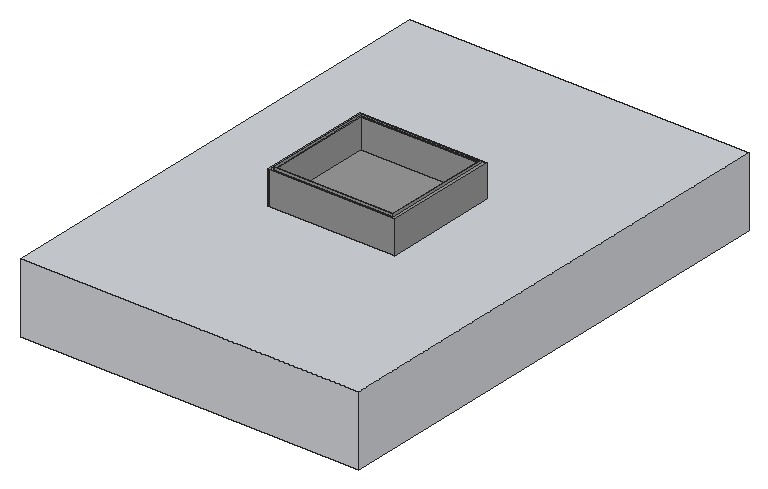
Revit family "Hager-Univers-IP30-D160-Cl.II-FWB-encl--AT-de", category Equipement électrique, Revit 2020
Family settings
  Hôte = Face
  Configuration du panneau = Deux colonnes, circuits au sein
  Cote de connecteur circulaire = Utiliser le diamètre
  Type d'élément = Tableau de raccordement
  Couper avec des vides une fois chargée = Non
  Partagée = Non
  Point de calcul de pièce = Non
Parameters (values of type "Aufputz IP30 B550 H500 T160  - FWQ32D1")
  Width Control [instance] = if([EF000008 - Breite] > Min Width, [EF000008 - Breite], Min Width)  # 550 mm
  Commentaires du type = [HG000003 - Bereich]  # "Univers"
  Thickness Door [instance] = if([EF009171 - Materialstärke Tür/Deckel] > 3 mm, 3 mm, [EF009171 - Materialstärke Tür/Deckel])  # 1 mm
  Seal Frame Offset [instance] = 17 mm  # constant formula
  Plinth Visibility [instance] = [HG000027 - Sockelhöhe] > 0 mm  # no
  Model = ""
  Min Width [instance] = 100 mm  # constant formula
  Min Height [instance] = 100 mm  # constant formula
  Min Depth [instance] = (2 * [EF009170 - Materialstärke Gehäuse]) + 1 mm  # 3 mm
  Internal Frame Depth [instance] = (Door System Depth * 0.5)  # 9 mm
  Height Control [instance] = if([EF000040 - Höhe] > Min Height, [EF000040 - Höhe], Min Height)  # 500 mm
  HG000027 - Sockelhöhe = 0 mm
  HG000026 - Stehend auf dem Boden = no
  HG000024 - Höhe des unteren Teils = 800 mm
  HG000023 - Gehäuse mit doppeltem Querschnitt = no
  HG000016 - 3D-Türsichtbarkeit [instance] = yes
  HG000015 - Sichtbarkeit der Türöffnung [instance] = no
  HG000014 - Tür rechts [instance] = yes
  HG000013 - Tür links [instance] = not([HG000014 - Tür rechts])  # no
  HG000012 - Türschwenkwinkel [instance] = 30.00°
  HG000010 - Asymmetrische Türen = no
  HG000009 - Doppelflügeligen Tür = no
  HG000006 - Unterputz = no
  HG000004 - Herstellerreferenz = "FWQ32D1"
  HG000003 - Bereich = "Univers"
  HG000002 - Mit tür = no
  Frame Offset Bottom [instance] = 10 mm  # constant formula
  Frame Offset [instance] = 15 mm  # constant formula
  EF015940 - Deckel mit Überdruckentlastung = no
  EF011959 - Schutzart (NEMA) = ""
  EF009554 - Anzahl der Öffnungen für Flanschplatten = 4
  Fabricant = "Hager"  # constant formula
  EF009212 - Ausführung Deckel = "EV009916 - mit Ausschnitt"
  EF009171 - Materialstärke Tür/Deckel = 1 mm
  EF009170 - Materialstärke Gehäuse = 1 mm
  EF008873 - Nennstrom (In) = 125 A
  EF007800 - Geeignet für Blitzschutz = no
  EF006306 - Mit Schloss = no
  EF006244 - Transparenter Deckel/Tür = no
  EF005474 - Schutzart (IP) = "EV006410 - IP30"
  EF004464 - Art der Tür = "EV002646 - Einzel"
  EF004427 - Anzahl der Module = 72
  EF004293 - Schlagfestigkeit = ""
  EF003532 - Geeignet für Außengebrauch = no
  EF002950 - Breite in Teilungseinheiten = 24
  EF001613 - Funktionserhalt = "EV000494 - ohne"
  EF001596 - Werkstoff des Gehäuses = "EV000179 - Stahl"
  EF001131 - Innentiefe = 160 mm
  EF001088 - Anbaumöglichkeit = yes
  EF000437 - Anzahl der Leitungseinführungen = 8
  EF000339 - Art der Abdeckung = "EV001012 - Deckel"
  EF000266 - Anzahl der Reihen = 6
  EF000218 - Einbautiefe = 0 mm
  EF000118 - Mit Montageplatte = yes
  EF000116 - RAL-Nummer = "9010"
  EF000049 - Tiefe = 160 mm
  EF000040 - Höhe = 500 mm
  EF000008 - Breite = 550 mm
  EF000007 - Farbe = "EV000202 - weiß"
  EF000003 - Montageart = "EV000384 - Aufputz"
  Door System Leaf Tolerance [instance] = 1.5 mm  # constant formula
  Door System Depth [instance] = 18 mm  # constant formula
  Door Height [instance] = Height Control - [HG000027 - Sockelhöhe]  # 500 mm
  Depth Control [instance] = if([EF000049 - Tiefe] > Min Depth, [EF000049 - Tiefe], Min Depth)  # 160 mm
  Default Elevation = 0 mm
  Connector Offset [instance] = Height Control / 2  # 250 mm
  Bottom Top Plate Trim [instance] = 1.5 mm  # constant formula
  Plinth height Ctrl [instance] = if([HG000027 - Sockelhöhe] > 0 mm, [HG000027 - Sockelhöhe], 12 mm)  # 12 mm
Types (2, lengths in mm): name | Width Control | Thickness Door | Min Depth | HG000004 - Herstellerreferenz | EF009554 - Anzahl der Öffnungen für Flanschplatten | EF009171 - Materialstärke Tür/Deckel | EF009170 - Materialstärke Gehäuse | EF004427 - Anzahl der Module | EF002950 - Breite in Teilungseinheiten | EF000437 - Anzahl der Leitungseinführungen | EF000266 - Anzahl der Reihen | EF000008 - Breite
  Aufputz IP30 B300 H500 T160  - FWQ31D1 | 300 | 2 | 5 | "FWQ31D1" | 2 | 2 | 2 | 36 | 12 | 4 | 3 | 300
  Aufputz IP30 B550 H500 T160  - FWQ32D1 | 550 | 1 | 3 | "FWQ32D1" | 4 | 1 | 1 | 72 | 24 | 8 | 6 | 550
Reference planes
  plane 1 "Center (Front/Back)": y = 0
  plane 2: z = 0
  plane 3 "Center (Left/Right)": x = 0
  plane 4: z = 160
  plane 5: y = 1
  plane 6: y = 250
  plane 7: y = 0
  plane 8: y = 500
  plane 9: z = 0
  plane 10: x = -260
  plane 11: x = 260
  plane 12: x = 259
  plane 13: x = -259
  plane 14: y = 499
  plane 15: x = -258
  plane 16: x = -275
  plane 17: x = 258
  plane 18: x = 275
  plane 19: x = 274
  plane 20: x = -274
  plane 21: y = 11
  plane 22: y = 500
  plane 23: y = 484
  plane 24: z = 142
  plane 25: z = 1
  plane 26: z = 141
  plane 27: z = 159
Forms (mm)
  Extrusion 1, solid
    sketch origin (0, 0, 0) x (1, 0, 0) y (0, 1, 0)
      loop
        line (-702.964, 1305) -> (-702.964, -811.445) -> (766.763, -811.445) -> (766.763, 1305) -> (-702.964, 1305)
    from 0 to -304.8
  Extrusion 2, solid, material "Hager_Steel_RAL7035_Light_Grey", visible <- "Plinth Visibility", detail levels medium+fine
    sketch origin (0, 0, 0) x (1, 0, 0) y (0, 1, 0)
      loop
        line (-275, 0) -> (275, 0) -> (275, 12) -> (-275, 12) -> (-275, 0)
    from 0 to 142
  Extrusion 3, solid, material "Hager_Steel_RAL7035_Light_Grey", detail levels medium+fine
    sketch origin (0, 0, 0) x (1, 0, 0) y (0, 1, 0)
      loop
        line (-275, 0) -> (275, 0) -> (275, 500) -> (-275, 500) -> (-275, 0)
    from 0 to 142
  Extrusion 4, void
    sketch origin (0, 0, 0) x (1, 0, 0) y (0, 1, 0)
      loop
        line (-274, 1) -> (274, 1) -> (274, 499) -> (-274, 499) -> (-274, 1)
    from 1 to 141
  Extrusion 5, void
    sketch origin (-381.607, -4572, 142) x (0, -1, 0) y (-1, 0, 0)
      loop
        line (-4583, -122.607) -> (-5056, -122.607) -> (-5056, -640.607) -> (-4583, -640.607) -> (-4583, -122.607)
    from 0 to 1 <- "EF009170 - Materialstärke Gehäuse"
  Extrusion 6, solid, material "Hager_Steel_RAL7035_Light_Grey", detail levels fine
    sketch origin (0, 0, 142) x (1, 0, 0) y (0, 1, 0)
      loop
        line (-259, 484) -> (-259, 11) -> (259, 11) -> (259, 484) -> (-259, 484)
      loop
        line (-260, 10) -> (260, 10) -> (260, 485) -> (-260, 485) -> (-260, 10)
    from 0 to 9 <- "Internal Frame Depth"
  Extrusion 7, solid, material "Hager_Steel_RAL7035_Light_Grey", detail levels coarse
    sketch origin (0, 0, 0) x (1, 0, 0) y (0, 1, 0)
      loop
        line (-275, 0) -> (275, 0) -> (275, 500) -> (-275, 500) -> (-275, 0)
    from 0 to 160
  Sweep 8, void
    path in 3D
      loop
        line (-275, 12, 0) -> (275, 12, 0) -> (275, 12, 142) -> (-275, 12, 142) -> (-275, 12, 0)
    profile origin (-275, 12, 71) x (-1, 0, 0) y (0, -1, 0)
      loop
        line (0, 0) -> (0, 1.5) -> (-1.5, 1.5)
        arc (-1.5, 1.5) -> (-1.061, 0.439) -> (0, 0) r 1.5
Cuts and joins
  Extrusion 4, Extrusion 5 cuts Extrusion 3
  Sweep 8 cuts Extrusion 2
Lines and regions (mm)
  Masking region 1
    outline origin (0, 0, 0) x (1, 0, 0) y (0, 0, 1)
      loop
        line (-275, 160) -> (-275, 0) -> (275, 0) -> (275, 160) -> (-275, 160)
  Masking region 2, detail levels medium+fine
    outline origin (0, 140, 0) x (0, 1, 0) y (0, 0, 1)
      loop
        line (-140, 0) -> (360, 0) -> (360, 142) -> (-140, 142) -> (-140, 0)
  Masking region 3, not visible, detail levels medium+fine
    outline origin (0, 297.922, 0) x (0, 1, 0) y (0, 0, 1)
      loop
        line (-36.422, 0) -> (3.578, 0) -> (3.578, 149)
        arc (3.578, 149) -> (0.649, 156.071) -> (-6.422, 159) r 10
        line (-6.422, 159) -> (-36.422, 159) -> (-36.422, 0)
  Masking region 4, detail levels coarse
    outline origin (0, 0, 180) x (0, 1, 0) y (0, 0, 1)
      loop
        line (0, -180) -> (500, -180) -> (500, -20) -> (0, -20) -> (0, -180)
  Masking region 5, visible <- "Plinth Visibility", detail levels medium+fine
    outline origin (0, 52.24, 12.345) x (0, 0, -1) y (0, 1, 0)
      loop
        line (10.845, -40.24) -> (-128.155, -40.24)
        arc (-128.155, -40.24) -> (-128.594, -41.301) -> (-129.655, -41.74) r 1.5
        line (-129.655, -41.74) -> (-129.655, -52.24) -> (12.345, -52.24) -> (12.345, -41.74)
        arc (12.345, -41.74) -> (11.285, -41.301) -> (10.845, -40.24) r 1.5
  Masking region 6, detail levels medium+fine
    outline origin (-381.607, -4572, 142) x (-1, 0, 0) y (0, -1, 0)
      loop
        line (-106.607, -5072) -> (-106.607, -4572) -> (-656.607, -4572) -> (-656.607, -5072) -> (-106.607, -5072)
  Masking region 7, visible <- "Plinth Visibility", detail levels medium+fine
    outline origin (-381.607, -4727, 142) x (-1, 0, 0) y (0, -1, 0)
      loop
        arc (-108.107, -4739) -> (-107.668, -4737.939) -> (-106.607, -4737.5) r 1.5
        line (-106.607, -4737.5) -> (-106.607, -4727) -> (-656.607, -4727) -> (-656.607, -4737.5)
        arc (-656.607, -4737.5) -> (-655.546, -4737.939) -> (-655.107, -4739) r 1.5
        line (-655.107, -4739) -> (-108.107, -4739)
  Masking region 8, detail levels coarse
    outline origin (-442.548, -4669.526, 142) x (-1, 0, 0) y (0, -1, 0)
      loop
        line (-167.548, -5169.526) -> (-167.548, -4669.526) -> (-717.548, -4669.526) -> (-717.548, -5169.526) -> (-167.548, -5169.526)
  sketch lines
    curve 1: line (-275, 12, 142) -> (-275, 12, 0)
    curve 2: line (275, 12, 142) -> (-275, 12, 142)
    curve 3: line (275, 12, 142) -> (275, 12, 0)
    curve 4: line (-275, 12, 0) -> (275, 12, 0)
Dimensions and locks
  "Depth Control": plane 4 to Extrusion 1
  "HG000027 - Sockelhöhe": plane 1 "Center (Front/Back)" to plane 7
  "EF009170 - Materialstärke Gehäuse": plane 5 to plane 7
  locked: connector elem to plane 3 "Center (Left/Right)"
  equal spacing: plane 8, plane 6, plane 7
  locked: connector elem to plane 6
  "EF009170 - Materialstärke Gehäuse": plane 8 to plane 14
  "EF009170 - Materialstärke Gehäuse": plane 10 to plane 13
  "EF009170 - Materialstärke Gehäuse": plane 12 to plane 11
  "Frame Offset": plane 20 to plane 13
  "Frame Offset": plane 12 to plane 19
  "EF009170 - Materialstärke Gehäuse": plane 16 to plane 20
  "EF009170 - Materialstärke Gehäuse": plane 19 to plane 18
  "Seal Frame Offset": plane 16 to plane 15
  "Seal Frame Offset": plane 17 to plane 18
  "Frame Offset Bottom": plane 21 to plane 5
  "Frame Offset": plane 14 to plane 23
  equal spacing: plane 16, plane 3 "Center (Left/Right)", plane 18
  "Width Control": plane 16 to plane 18
  "EF009170 - Materialstärke Gehäuse": plane 4 to plane 27
  "EF009170 - Materialstärke Gehäuse": plane 24 to plane 26
  "EF009170 - Materialstärke Gehäuse": plane 25 to level
  "Door System Depth": plane 4 to plane 24
  "Height Control": plane 1 "Center (Front/Back)" to Extrusion 7 sketch curve
  "Height Control": Masking region 4 sketch curve to plane 1 "Center (Front/Back)"
  "Height Control": plane 1 "Center (Front/Back)" to plane 22
  "Bottom Top Plate Trim": profile plane to Sweep 8 sketch curve
  "Bottom Top Plate Trim": Sweep 8 sketch curve to profile plane
  "Plinth height Ctrl": plane 1 "Center (Front/Back)" to Extrusion 2 sketch curve
  "Plinth height Ctrl": Masking region 5 sketch curve to plane 1 "Center (Front/Back)"
  "Plinth height Ctrl": plane 1 "Center (Front/Back)" to Masking region 7 sketch curve
  "Thickness Door": Extrusion 6 sketch curve to Extrusion 6 sketch curve  (x3)
  "Thickness Door": cut or joined group of Extrusion 3, Extrusion 4, Extrusion 5 to Extrusion 6 sketch curve
  radius of Masking region 3 sketch curve = 10 mm
  "Bottom Top Plate Trim": radius of Masking region 5 sketch curve  (x2)
  "Bottom Top Plate Trim": radius of Sweep 8 sketch curve
  "Bottom Top Plate Trim": radius of Masking region 7 sketch curve  (x2)
  aligned and locked: plane 2 to Extrusion 1
  aligned and locked: level to Extrusion 1
  aligned and locked: level to Masking region 1 sketch curve
  aligned and locked: Masking region 1 sketch curve to plane 18
  aligned and locked: Masking region 1 sketch curve to plane 16
  aligned and locked: plane 7 to Masking region 2 sketch curve
  aligned and locked: level to Masking region 3 sketch curve
  aligned and locked: Masking region 3 sketch curve to plane 27
  aligned and locked: level to Masking region 2 sketch curve
  aligned and locked: plane 1 "Center (Front/Back)" to Extrusion 2 sketch curve
  aligned and locked: Extrusion 3 sketch curve to plane 7
  aligned and locked: plane 16 to Extrusion 3 sketch curve
  aligned and locked: plane 18 to Extrusion 3 sketch curve
  aligned and locked: plane 20 to Extrusion 4 sketch curve
  aligned and locked: plane 19 to Extrusion 4 sketch curve
  aligned and locked: Extrusion 4 sketch curve to plane 5
  aligned and locked: Extrusion 4 to plane 25
  aligned and locked: plane 26 to Extrusion 4
  aligned and locked: plane 24 to Extrusion 3
  aligned and locked: Extrusion 5 sketch curve to plane 21
  aligned and locked: Extrusion 5 sketch curve to plane 13
  aligned and locked: Extrusion 5 sketch curve to plane 12
  aligned and locked: plane 18 to Extrusion 7 sketch curve
  aligned and locked: plane 1 "Center (Front/Back)" to Extrusion 7 sketch curve
  aligned and locked: plane 16 to Extrusion 7 sketch curve
  aligned and locked: plane 4 to Extrusion 7
  aligned and locked: Extrusion 7 to level
  aligned and locked: level to Masking region 4 sketch curve
  aligned and locked: Masking region 4 sketch curve to plane 1 "Center (Front/Back)"
  aligned and locked: Masking region 4 sketch curve to plane 4
  aligned and locked: nested 1 to level
  aligned and locked: nested 1 to plane 16
  aligned and locked: plane 8 to Extrusion 3 sketch curve
  aligned and locked: plane 23 to Extrusion 5 sketch curve
  aligned and locked: plane 14 to Extrusion 4 sketch curve
  aligned and locked: Masking region 2 sketch curve to plane 8
  aligned and locked: level to Masking region 5 sketch curve
  aligned and locked: plane 16 to Extrusion 2 sketch curve
  aligned and locked: plane 18 to Extrusion 2 sketch curve
  aligned and locked: Masking region 5 sketch curve to plane 24
  aligned and locked: Masking region 2 sketch curve to plane 24
  aligned and locked: plane 24 to Extrusion 2
  aligned and locked: profile plane to Sweep 8 sketch curve  (x2)
  aligned and locked: Masking region 6 sketch curve to plane 18
  aligned and locked: Masking region 6 sketch curve to plane 22
  aligned and locked: Masking region 6 sketch curve to plane 16
  aligned and locked: plane 8 to plane 22
  aligned and locked: plane 7 to Masking region 6 sketch curve
  aligned and locked: Masking region 7 sketch curve to plane 16
  aligned and locked: Masking region 7 sketch curve to plane 1 "Center (Front/Back)"
  aligned and locked: Masking region 7 sketch curve to plane 18
  aligned and locked: Masking region 8 sketch curve to plane 1 "Center (Front/Back)"
  aligned and locked: Masking region 8 sketch curve to plane 18
  aligned and locked: Masking region 8 sketch curve to plane 22
  aligned and locked: Masking region 8 sketch curve to plane 16
  aligned and locked: nested 2 to plane 7
  aligned and locked: plane 3 "Center (Left/Right)" to nested 2
  aligned and locked: nested 2 to plane 24
  aligned and locked: Extrusion 6 sketch curve to cut or joined group of Extrusion 3, Extrusion 4, Extrusion 5  (x4)
Automatic sketch dimensions
  Extrusion 1 sketch curve to Extrusion 1 sketch curve = 1469.727 mm
  Extrusion 1 sketch curve to Extrusion 1 sketch curve = 2116.445 mm
  Masking region 1 sketch curve to plane 4 = 0 mm
  plane 6 to Masking region 3 sketch curve = 11.5 mm
  Masking region 3 sketch curve to Masking region 3 sketch curve = 30 mm
  Masking region 5 sketch curve to plane 1 "Center (Front/Back)" = 0 mm
Nested families
  nested 1: "Hager_Enclosure_Symbol" at (-275, 0, 0) x (1, 0, 0) z (0, -1, 0), Height <- "Depth Control", Width <- "Width Control", type "Hager_Enclosure_Symbol"
    with Width_Ctrl 550 mm, Width 550 mm, Height_Ctrl 160 mm, Height 160 mm, A_Width_Int 10.5 mm, A_Width 126 mm, A_Height_Ctrl 140 mm, A_Height 140 mm
  nested 2: "EC000058_Univers_Door" at (0, 0, 142) x (1, 0, 0) z (0, 1, 0), Leaf_Tolerance <- "Door System Leaf Tolerance", Angle <- "HG000012 - Türschwenkwinkel", Door_Depth <- "Door System Depth", Door_Left <- "HG000013 - Tür links", Transparent <- "EF006244 - Transparenter Deckel/Tür", Assymetrical <- "HG000010 - Asymmetrische Türen", Width <- "Width Control", Clearance <- "HG000015 - Sichtbarkeit der Türöffnung", Double <- "HG000009 - Doppelflügeligen Tür", 3d_Door <- "HG000016 - 3D-Türsichtbarkeit", Lock_Visibility <- "EF006306 - Mit Schloss", Width_Ctrl <- "Width Control", Door_Right <- "HG000014 - Tür rechts", Door <- "HG000002 - Mit tür", Height <- "Door Height", Thickness <- "Thickness Door", type "EC000058_Univers_Door", detail levels medium+fine
    with min_wh 3 mm, Width_Ctrl 550 mm, Width 550 mm, Transparent no, Thickness 1 mm, Seal_Material Hager_Rubber, Lock_Visibility no, Lock_Material Hager_Plastic_RAL9005_Jet_Black, Leaf_Width 550 mm, Leaf_Tolerance_External_Sides 0 mm, Leaf_Tolerance 1.5 mm, Leaf_Offset 0 mm, Leaf_Height 497 mm, Leaf_2_Width 550 mm, Leaf_2_Offset 275 mm, Leaf_1_Width 550 mm, Leaf_1_Offset 275 mm, Height_Ctrl 500 mm, Height 500 mm, Glass_Material Hager_Glass, Double_Clearance_Ctrl no, Double no, Door_Right_Ctrl no, Door_Right yes, Door_Material Hager_Steel_RAL7035_Light_Grey, Door_Left_Ctrl no, Door_Left no, Door_Depth 18 mm, Door no, Clearance_Material Hager_Clearance, Clearance_Depth 550 mm, Clearance_Ctrl no, Clearance no, Assymetrical no, Angle 30.00°, 3d_Door yes
Connectors
  electrical at (0, 250, 0)
    settings: on plane 9, index 1, voltage 0 V, apparent load 0 VA, apparent load phase1 0 VA, apparent load phase2 0 VA, apparent load phase3 0 VA, power factor 1, load classification "Other", number of poles 1, system type 30, power factor state 1, is connector primary yes, connector utility no, sub classification motor no, connector description ""
Definition of nested family "Hager_Enclosure_Symbol"
  Parameters (values of type "Hager_Enclosure_Symbol")
    Width_Ctrl [instance] = if(Width > 1 mm, Width, 1 mm)  # 102.27 mm
    Width [instance] = 102.27 mm
    Height_Ctrl [instance] = if(Height > 1 mm, Height, 1 mm)  # 66.5 mm
    A_Width_Int [instance] = if(A_Width / 12 > 2 mm, A_Width / 12, 2 mm)  # 4.364 mm
    A_Width [instance] = if(A_Height_Ctrl * 0.9 > 2 mm, A_Height_Ctrl * 0.9, 2 mm)  # 52.369 mm
    A_Height_Ctrl [instance] = if(A_Height > 2 mm, A_Height, 2 mm)  # 58.188 mm
    Height [instance] = 66.5 mm
    A_Height [instance] = Height - (Height / 8)  # 58.188 mm
  Reference planes
    plane 1 "Centre (avant/arrière)": y = 0
    plane 2: z = 0
    plane 3 "Centre (gauche/droite)": x = 0
    plane 4: x = 52.369
    plane 5: y = 33.042
    plane 6: y = 41.77
    plane 7: y = 66.5
    plane 8: x = 26.184
    plane 9: y = 37.406
    plane 10: x = 102.27
    plane 11: y = 66.5
    plane 12: y = 8.313
  Lines and regions (mm)
    Filled region 1, type "Solid_Black", in view "Niveau de réf."
      outline origin (0, 0, 0) x (1, 0, 0) y (0, 1, 0)
        loop
          line (52.369, 66.5) -> (33.188, 54.536) -> (45.365, 45.006) -> (52.369, 66.5)
    Filled region 2, type "Solid_Black", in view "Niveau de réf."
      outline origin (0, 0, 0) x (1, 0, 0) y (0, 1, 0)
        loop
          line (0, 0) -> (102.27, 0) -> (102.27, 66.5) -> (0, 0)
    detail lines, in view "Niveau de réf."
      curve 1: line (0, 8.313, 0) -> (26.184, 41.77, 0)
      curve 2: line (26.184, 41.77, 0) -> (26.184, 33.042, 0)
      curve 3: line (26.184, 33.042, 0) -> (52.369, 66.5, 0)
  Dimensions and locks
    "A_Width": plane 3 "Centre (gauche/droite)" to plane 4
    equal spacing: plane 3 "Centre (gauche/droite)", plane 8, plane 4
    equal spacing: plane 6, plane 9, plane 5
    equal spacing: curve 3, Filled region 1 sketch curve, Filled region 1 sketch curve
    "Height_Ctrl": plane 1 "Centre (avant/arrière)" to plane 11
    "A_Height_Ctrl": plane 11 to plane 12
    equal spacing: plane 11, plane 9, plane 12
    "A_Width_Int": plane 6 to plane 9
    "Width_Ctrl": plane 3 "Centre (gauche/droite)" to plane 10
    angle Filled region 1 sketch curve to curve 3 = 20.00°
    angle curve 3 to Filled region 1 sketch curve = 20.00°
    locked: curve 3 to Filled region 1 sketch curve (angle 90.00°)
    aligned and locked: plane 10 to Filled region 2
    aligned and locked: plane 11 to Filled region 2 sketch curve
    aligned and locked: plane 10 to Filled region 2 sketch curve
    aligned and locked: plane 3 "Centre (gauche/droite)" to curve 1
    aligned and locked: plane 12 to curve 1
    aligned and locked: plane 7 to plane 11
  Automatic sketch dimensions
    Filled region 1 sketch curve to plane 4 = 0 mm
    Filled region 1 sketch curve to plane 7 = 0 mm
    plane 1 "Centre (avant/arrière)" to Filled region 2 sketch curve = 0 mm
    Filled region 2 sketch curve to plane 3 "Centre (gauche/droite)" = 0 mm
    curve 2 to plane 6 = 0 mm
    curve 2 to plane 8 = 0 mm
    curve 3 to plane 4 = 0 mm
    curve 2 to plane 5 = 0 mm
    curve 3 to plane 7 = 0 mm
Definition of nested family "EC000058_Univers_Door"
  Parameters (values of type "EC000058_Univers_Door")
    min_wh [instance] = (2 * Thickness) + 1 mm  # 11 mm
    Width_Ctrl [instance] = 400 mm
    Width [instance] = 500 mm
    Transparent [instance] = yes
    Thickness [instance] = 5 mm
    Seal_Material [instance] = none
    Lock_Visibility [instance] = yes
    Lock_Material [instance] = none
    Leaf_Width [instance] = if((Width_Ctrl - 2 * Leaf_Tolerance_External_Sides) > 0 mm, (Width_Ctrl - 2 * Leaf_Tolerance_External_Sides), min_wh)  # 400 mm
    Leaf_Tolerance_External_Sides [instance] = 0 mm  # constant formula
    Leaf_Tolerance [instance] = 1.5 mm
    Leaf_Offset [instance] = 0 mm  # constant formula
    Leaf_Height [instance] = if((Height_Ctrl - 2 * Leaf_Tolerance) > 0 mm, (Height_Ctrl - 2 * Leaf_Tolerance), min_wh)  # 497 mm
    Leaf_2_Width [instance] = if(and(and(Double, Assymetrical), Door_Left), (Leaf_Width / 3) - (Leaf_Tolerance / 2), if(and(and(Double, Assymetrical), Door_Right), (Leaf_Width / 3) * 2 - (Leaf_Tolerance / 2), if(and(Double, not(Assymetrical)), (Leaf_Width / 2) - Leaf_Tolerance, Leaf_Width)))  # 400 mm
    Leaf_2_Offset [instance] = if(and(Double, Assymetrical), Leaf_2_Width / 2, if(and(Double, not(Assymetrical)), Leaf_Width / 4, Leaf_Width / 2))  # 200 mm
    Leaf_1_Width [instance] = if(and(and(Double, Assymetrical), Door_Right), (Leaf_Width / 3) - (Leaf_Tolerance / 2), if(and(and(Double, Assymetrical), Door_Left), (Width / 3) * 2 - (Leaf_Tolerance / 2), if(and(Double, not(Assymetrical)), (Leaf_Width / 2) - Leaf_Tolerance, Leaf_Width)))  # 400 mm
    Leaf_1_Offset [instance] = if(and(Double, Assymetrical), Leaf_1_Width / 2, if(and(Double, not(Assymetrical)), Leaf_Width / 4, Leaf_Width / 2))  # 200 mm
    Height_Ctrl [instance] = if(Height > min_wh, Height, min_wh)  # 500 mm
    Height [instance] = 500 mm
    Glass_Material [instance] = none
    Double_Clearance_Ctrl [instance] = and(Double, Clearance)  # no
    Double [instance] = no
    Door_Right_Ctrl [instance] = and(or(Door_Right, Double), Door)  # yes
    Door_Right [instance] = yes
    Door_Material [instance] = none
    Door_Left_Ctrl [instance] = and(or(Door_Left, Double), Door)  # no
    Door_Left [instance] = no
    Door_Depth [instance] = 30 mm
    Door [instance] = yes
    Default Elevation = 1219.2 mm
    Clearance_Material [instance] = none
    Clearance_Depth [instance] = if(Leaf_1_Width > Leaf_2_Width, Leaf_1_Width, Leaf_2_Width)  # 400 mm
    Clearance_Ctrl [instance] = and(not(Double), Clearance)  # yes
    Clearance [instance] = yes
    Assymetrical [instance] = yes
    Angle [instance] = 30.00°
    3d_Door [instance] = yes
  Reference planes
    plane 1 "Center (Front/Back)": y = 0
    plane 2 "Bottom": z = 0
    plane 3 "Center (Left/Right)": x = 0
    plane 4: z = 500
    plane 5: x = -200
    plane 6: x = 200
    plane 7: z = 500
    plane 8: x = -200
    plane 9: z = 0
    plane 10: x = 200
    plane 11: y = 0
    plane 12: z = 1.5
    plane 13: x = -600
    plane 14: y = -400
    plane 15: x = 600
    plane 16: x = 0
    plane 17: x = 0
    plane 18: x = -200
    plane 19: x = 200
    plane 20: z = 498.5
  Forms (mm)
    Extrusion 1, solid, material <- "Clearance_Material", visible <- "Double_Clearance_Ctrl"
      sketch origin (1200, 0, 0) x (1, 0, 0) y (0, 0, -1)
        loop
          line (-1800, -498.5) -> (-600, -498.5) -> (-600, 0) -> (-1800, 0) -> (-1800, -498.5)
      from 0 to -400
  Dimensions and locks
    equal spacing: plane 5, plane 3 "Center (Left/Right)", plane 6
    "Width_Ctrl": plane 5 to plane 6
    "Leaf_Offset": plane 5 to plane 8
    "Leaf_Offset": plane 6 to plane 10
    "Leaf_Offset": plane 9 to level
    "Leaf_Offset": plane 4 to plane 7
    "Height_Ctrl": plane 4 to level
    "Leaf_Tolerance": plane 12 to plane 9
    locked: plane 11 to plane 1 "Center (Front/Back)"
    "Leaf_1_Offset": plane 18 to plane 16
    "Leaf_2_Offset": plane 17 to plane 19
    "Leaf_1_Width": plane 13 to plane 8
    "Leaf_2_Width": plane 10 to plane 15
    "Clearance_Depth": plane 14 to plane 1 "Center (Front/Back)"
    "Leaf_Tolerance_External_Sides": plane 8 to plane 18
    "Leaf_Tolerance_External_Sides": plane 19 to plane 10
    "Leaf_Tolerance": plane 7 to plane 20
    aligned and locked: level to plane 2 "Bottom"
    aligned and locked: nested 1 to plane 16
    aligned and locked: nested 2 to plane 17
    aligned and locked: Extrusion 1 to plane 13
    aligned and locked: plane 15 to Extrusion 1
    aligned and locked: Extrusion 1 to plane 14
    aligned and locked: plane 12 to nested 1
    aligned and locked: nested 2 to plane 12
    aligned and locked: Extrusion 1 to plane 11
    aligned and locked: plane 20 to Extrusion 1
    aligned and locked: nested 2 to plane 11
    aligned and locked: nested 1 to plane 11
  Automatic sketch dimensions
    Extrusion 1 sketch curve to level = 0 mm
    plane 5 to Extrusion 1 sketch curve = 400 mm
    plane 6 to Extrusion 1 sketch curve = 400 mm
    Extrusion 1 sketch curve to plane 4 = 1.5 mm
  Nested families
    nested 1: "EC000058_Univers_Door_Leaf" at (0, 0, 1.5), Width <- "Leaf_1_Width", visible <- "Door_Left_Ctrl", Leaf_Height <- "Leaf_Height", Angle <- "Angle", 3d_Door <- "3d_Door", Transparent <- "Transparent", Clearance Material <- "Clearance_Material", Clearance <- "Clearance_Ctrl", Door_Material <- "Door_Material", Glass_Material <- "Glass_Material", Door_Depth <- "Door_Depth", Lock_Material <- "Lock_Material", Seal_Material <- "Seal_Material", Lock_Visibility <- "Lock_Visibility", Thickness <- "Thickness", type "EC000058_Univers_Door_Leaf"
      with Width 400 mm, Transparent_Glass_Offset 30 mm, Transparent_Ctrl yes, Transparent yes, Thickness 5 mm, Standard no, Seal_Material none, Seal_D2 8 mm, Seal_D1 1 mm, Offset_Internal_Frame 10 mm, Lock_Width 20 mm, Lock_Visibility_3d yes, Lock_Visibility yes, Lock_Thickness_3 3 mm, Lock_Thickness_2 1 mm, Lock_Thickness_1 3 mm, Lock_Radius_Offset_2 16 mm, Lock_Radius_Offset_1 15 mm, Lock_Radius_2 5 mm, Lock_Radius 6 mm, Lock_Offset 5 mm, Lock_Material none, Lock_Height 80 mm, Lock_Cover_Top_Offset_2d 17 mm, Lock_Cover_Height -65 mm, Leaf_Height 497 mm, Internal_Seal_Thickness 8 mm, Internal_Seal_Depth_2 4.5 mm, Internal_Frame_Depth 25 mm, Glass_Thickness -1 mm, Glass_Offset -2 mm, Glass_Material none, Door_Material none, Door_Depth 30 mm, Clearance Material none, Clearance yes, Angle_Ctrl 30.00°, Angle 30.00°, 3d_Door yes
    nested 2: "EC000058_Univers_Door_Leaf" at (0, 0, 1.5) x (-1, 0, 0) z (0, 0, 1), Width <- "Leaf_2_Width", visible <- "Door_Right_Ctrl", Leaf_Height <- "Leaf_Height", Angle <- "Angle", 3d_Door <- "3d_Door", Transparent <- "Transparent", Clearance Material <- "Clearance_Material", Clearance <- "Clearance_Ctrl", Door_Material <- "Door_Material", Glass_Material <- "Glass_Material", Door_Depth <- "Door_Depth", Lock_Material <- "Lock_Material", Seal_Material <- "Seal_Material", Lock_Visibility <- "Lock_Visibility", Thickness <- "Thickness", type "EC000058_Univers_Door_Leaf"
      with Width 400 mm, Transparent_Glass_Offset 30 mm, Transparent_Ctrl yes, Transparent yes, Thickness 5 mm, Standard no, Seal_Material none, Seal_D2 8 mm, Seal_D1 1 mm, Offset_Internal_Frame 10 mm, Lock_Width 20 mm, Lock_Visibility_3d yes, Lock_Visibility yes, Lock_Thickness_3 3 mm, Lock_Thickness_2 1 mm, Lock_Thickness_1 3 mm, Lock_Radius_Offset_2 16 mm, Lock_Radius_Offset_1 15 mm, Lock_Radius_2 5 mm, Lock_Radius 6 mm, Lock_Offset 5 mm, Lock_Material none, Lock_Height 80 mm, Lock_Cover_Top_Offset_2d 17 mm, Lock_Cover_Height -65 mm, Leaf_Height 497 mm, Internal_Seal_Thickness 8 mm, Internal_Seal_Depth_2 4.5 mm, Internal_Frame_Depth 25 mm, Glass_Thickness -1 mm, Glass_Offset -2 mm, Glass_Material none, Door_Material none, Door_Depth 30 mm, Clearance Material none, Clearance yes, Angle_Ctrl 30.00°, Angle 30.00°, 3d_Door yes
  Definition of nested family "EC000058_Univers_Door_Leaf"
    Parameters (values of type "EC000058_Univers_Door_Leaf")
      Width [instance] = 2000 mm
      Transparent_Glass_Offset [instance] = 30 mm
      Transparent_Ctrl [instance] = and(Transparent, [3d_Door])  # yes
      Transparent [instance] = yes
      Thickness [instance] = 5 mm
      Standard [instance] = and(not(Transparent), [3d_Door])  # no
      Seal_Material [instance] = none
      Seal_D2 [instance] = 8 mm  # constant formula
      Seal_D1 [instance] = 1 mm  # constant formula
      Offset_Internal_Frame [instance] = 10 mm  # constant formula
      Lock_Width [instance] = 20 mm  # constant formula
      Lock_Visibility_3d [instance] = and(Lock_Visibility, [3d_Door])  # yes
      Lock_Visibility [instance] = yes
      Lock_Thickness_3 [instance] = 3 mm  # constant formula
      Lock_Thickness_2 [instance] = 1 mm  # constant formula
      Lock_Thickness_1 [instance] = 3 mm  # constant formula
      Lock_Radius_Offset_2 [instance] = Lock_Radius_Offset_1 + 1 mm  # 16 mm
      Lock_Radius_Offset_1 [instance] = 15 mm  # constant formula
      Lock_Radius_2 [instance] = Lock_Radius - 1 mm  # 5 mm
      Lock_Radius [instance] = 6 mm  # constant formula
      Lock_Offset [instance] = 5 mm  # constant formula
      Lock_Material [instance] = none
      Lock_Height [instance] = 80 mm  # constant formula
      Lock_Cover_Top_Offset_2d [instance] = Lock_Radius_Offset_2 + 1 mm  # 17 mm
      Lock_Cover_Height [instance] = -(Lock_Height - Lock_Radius_Offset_1)  # -65 mm
      Leaf_Height [instance] = 2720.336 mm
      Internal_Seal_Thickness [instance] = 8 mm  # constant formula
      Internal_Seal_Depth_2 [instance] = 4.5 mm  # constant formula
      Internal_Frame_Depth [instance] = if(Door_Depth - Thickness > 5 mm, Door_Depth - Thickness, 5 mm)  # 25 mm
      Glass_Thickness [instance] = if(Thickness > 15 mm, Glass_Offset + 10 mm, -1 mm)  # -1 mm
      Glass_Offset [instance] = if(Thickness > 15 mm, -(Thickness + 10 mm) / 2, -2 mm)  # -2 mm
      Glass_Material [instance] = none
      Door_Material [instance] = none
      Door_Depth [instance] = 30 mm
      Default Elevation = 0 mm
      Clearance Material [instance] = none
      Clearance [instance] = yes
      Angle_Ctrl [instance] = if(Angle > 180.00°, 180.00°, Angle)  # 90.00°
      Angle [instance] = 90.00°
      3d_Door [instance] = yes
    Reference planes
      plane 1 "Center (Front/Back)": y = 0
      plane 2: z = 0
      plane 3 "Center (Left/Right)": x = 0
      plane 4: y = 2000
      plane 5: x = -1000
      plane 6: x = 1000
      plane 7: x = -3000
      plane 8: z = 2720.336
      plane 9: z = 30
      plane 10: z = 2690.336
      plane 11: x = 970
      plane 12: x = -970
      plane 13: y = -3
      plane 14: z = 107.833
      plane 15: y = -5
      plane 16: y = -223.314
      plane 17: x = -1000
      plane 18: z = 1360.168
      plane 19: y = 30
    Forms (mm)
      Extrusion 1, solid, material <- "Clearance Material", visible <- "Clearance"
        sketch origin (0, 0, 0) x (1, 0, 0) y (0, 0, 1)
          loop
            line (-3000, 2720.336) -> (-3000, 0) -> (1000, 0) -> (1000, 2720.336) -> (-3000, 2720.336)
        from 0 to -2000
      Extrusion 2, solid, material <- "Door_Material", visible <- "Standard", detail levels medium+fine
        sketch origin (-1000, 0, 0) x (0, 1, 0) y (-1, 0, 0)
          loop
            line (0, 30) -> (0, 25) -> (2000, 25) -> (2000, 30) -> (0, 30)
        from 0 to 2720.336 <- "Leaf_Height"
      Extrusion 3, solid, material <- "Door_Material", visible <- "Transparent_Ctrl", detail levels medium+fine
        sketch origin (-1000, 0, 0) x (0, 1, 0) y (-1, 0, 0)
          loop
            line (0, 25) -> (2000, 25) -> (2000, 30) -> (0, 30) -> (0, 25)
        from 0 to 2720.336 <- "Leaf_Height"
      Extrusion 4, void
        sketch origin (-1025, 2000, 0) x (0, 1, 0) y (0, 0, -1)
          loop
            line (-30, -2690.336) -> (-30, -30) -> (-1970, -30) -> (-1970, -2690.336) -> (-30, -2690.336)
        from 0 to 5 <- "Thickness"
      Sweep 5, solid, material <- "Seal_Material", visible <- "Transparent_Ctrl", detail levels fine
        path in 3D
          loop
            line (-1025, 30, 30) -> (-1025, 30, 2690.336) -> (-1025, 1970, 2690.336) -> (-1025, 1970, 30) -> (-1025, 30, 30)
        profile origin (-1025, 1000, 30) x (1, 0, 0) y (0, 0, 1)
          loop
            line (0, 0) -> (0, -8) -> (1, -8) -> (1, 0) -> (0, 0)
      Extrusion 6, solid, material <- "Glass_Material", visible <- "Transparent_Ctrl", detail levels medium+fine
        sketch origin (-1030, 0, 0) x (0, 1, 0) y (0, 0, -1)
          loop
            line (1970, -2690.336) -> (1970, -30) -> (30, -30) -> (30, -2690.336) -> (1970, -2690.336)
        from -2 <- "Glass_Offset" to -1 <- "Glass_Thickness"
      Extrusion 7, solid, material <- "Door_Material", visible <- "3d_Door", detail levels medium+fine
        sketch origin (-1025, 2000, 0) x (0, -1, 0) y (0, 0, -1)
          loop
            line (0, -2720.336) -> (2000, -2720.336) -> (2000, 0) -> (0, 0) -> (0, -2720.336)
          loop
            line (1995, -5) -> (5, -5) -> (5, -2715.336) -> (1995, -2715.336) -> (1995, -5)
        from 0 to 25 <- "Internal_Frame_Depth"
      Sweep 8, solid, material <- "Seal_Material", visible <- "Transparent_Ctrl", detail levels fine
        path in 3D
          loop
            line (-1025, 0, 0) -> (-1025, 2000, 0) -> (-1025, 2000, 2720.336) -> (-1025, 0, 2720.336) -> (-1025, 0, 0)
        profile origin (-1025, 0, 1360.168) x (1, 0, 0) y (0, 1, 0)
          loop
            line (0, 10) -> (2.975, 10)
            arc (2.975, 10) -> (4.053, 10.447) -> (4.5, 11.525) r 1.525
            line (4.5, 11.525) -> (4.5, 16.527)
            arc (4.5, 16.527) -> (4.069, 17.569) -> (3.027, 18) r 1.473
            line (3.027, 18) -> (0, 18) -> (0, 10)
      Extrusion 9, solid, material <- "Lock_Material", visible <- "Lock_Visibility_3d", detail levels fine
        sketch origin (-1030, 0, 0) x (0, 1, 0) y (0, 0, -1)
          loop
            arc (1993.5, -1400.168) -> (1994.561, -1399.729) -> (1995, -1398.668) r 1.5
            line (1995, -1398.668) -> (1995, -1320.168) -> (1975, -1320.168) -> (1975, -1398.668)
            arc (1975, -1398.668) -> (1975.439, -1399.729) -> (1976.5, -1400.168) r 1.5
            line (1976.5, -1400.168) -> (1993.5, -1400.168)
        from 3 <- "Lock_Thickness_1" to 0
      Blend 10, solid, material <- "Lock_Material", visible <- "Lock_Visibility_3d", detail levels fine
        base sketch origin (-1033, 0, 0) x (0, 1, 0) y (0, 0, -1)
          loop
            line (1975, -1320.168) -> (1975, -1398.668)
            arc (1975, -1398.668) -> (1975.439, -1399.729) -> (1976.5, -1400.168) r 1.5
            line (1976.5, -1400.168) -> (1993.5, -1400.168)
            arc (1993.5, -1400.168) -> (1994.561, -1399.729) -> (1995, -1398.668) r 1.5
            line (1995, -1398.668) -> (1995, -1320.168) -> (1975, -1320.168)
        top sketch origin (-1033, 0, 0) x (0, 1, 0) y (0, 0, -1)
          loop
            line (1976, -1320.168) -> (1976, -1398.668)
            arc (1976, -1398.668) -> (1976.146, -1399.022) -> (1976.5, -1399.168) r 0.5
            line (1976.5, -1399.168) -> (1993.5, -1399.168)
            arc (1993.5, -1399.168) -> (1993.854, -1399.022) -> (1994, -1398.668) r 0.5
            line (1994, -1398.668) -> (1994, -1320.168) -> (1976, -1320.168)
        from 0 to 1 <- "Lock_Thickness_2"
      Blend 11, solid, material <- "Lock_Material", visible <- "Lock_Visibility_3d", detail levels fine
        base sketch origin (-1034, 0, 0) x (0, 1, 0) y (0, 0, -1)
          loop
            line (1978, -1320.168) -> (1978, -1384.168)
            arc (1978, -1384.168) -> (1985, -1391.168) -> (1992, -1384.168) r 7
            line (1992, -1384.168) -> (1992, -1320.168) -> (1978, -1320.168)
        top sketch origin (-1034, 0, 0) x (0, 1, 0) y (0, 0, -1)
          loop
            line (1991, -1320.168) -> (1979, -1320.168) -> (1979, -1383.168)
            arc (1979, -1383.168) -> (1985, -1389.168) -> (1991, -1383.168) r 6
            line (1991, -1383.168) -> (1991, -1320.168)
        from 0 to 3 <- "Lock_Thickness_3"
      Extrusion 12, solid, material <- "Lock_Material", visible <- "Lock_Visibility_3d", detail levels fine
        sketch origin (-1030, 1975, 1320.168) x (1, 0, 0) y (0, -1, 0)
          loop
            line (-7, -19) -> (-7, -1) -> (0, -1) -> (0, 0) -> (-8, 0) -> (-8, -20) -> (0, -20) -> (0, -19) -> (-7, -19)
        from 0 to -65 <- "Lock_Cover_Height"
      Extrusion 13, void
        sketch origin (-1038, 1995, 1320.168) x (-1, 0, 0) y (0, 0, -1)
          loop
            line (-5, -65) -> (0, -65) -> (-5, -60) -> (-5, -65)
        from 0 to 20 <- "Lock_Width"
      Extrusion 14, void
        sketch origin (-1038, 1975, 1320.168) x (0, -1, 0) y (0, 0, -1)
          loop
            circle (-10, -15.995) r 6
          loop
            circle (-10, -15.995) r 5
        from 0 to 2
      Extrusion 15, solid, material <- "Lock_Material", visible <- "Lock_Visibility_3d", detail levels medium
        sketch origin (-1030, 0, 0) x (0, 1, 0) y (0, 0, -1)
          loop
            arc (1993.5, -1400.168) -> (1994.561, -1399.729) -> (1995, -1398.668) r 1.5
            line (1995, -1398.668) -> (1995, -1320.168) -> (1975, -1320.168) -> (1975, -1398.668)
            arc (1975, -1398.668) -> (1975.439, -1399.729) -> (1976.5, -1400.168) r 1.5
            line (1976.5, -1400.168) -> (1993.5, -1400.168)
        from 8 to 0
    Cuts and joins
      Extrusion 4 cuts Extrusion 3
      Extrusion 13, Extrusion 14 cuts Extrusion 9
      Extrusion 14 cuts Blend 11
      Extrusion 13, Extrusion 14 cuts Extrusion 12
      joined: Extrusion 9, Blend 10, Blend 11, Extrusion 12
      Extrusion 14 cuts Extrusion 15
    Lines and regions (mm)
      Masking region 1, visible <- "Lock_Visibility", detail levels fine
        outline origin (0, 0, 0) x (0, 1, 0) y (0, 0, 1)
          loop
            line (30, 1320.168) -> (33, 1320.168) -> (33, 1400.168) -> (30, 1400.168) -> (30, 1320.168)
      Masking region 2, visible <- "Lock_Visibility", detail levels fine
        outline origin (0, 3.143, 0) x (0, 1, 0) y (0, 0, 1)
          loop
            line (29.857, 1354.168) -> (30.857, 1354.168) -> (30.857, 1366.168) -> (29.857, 1366.168) -> (29.857, 1354.168)
      Masking region 3, detail levels medium+fine
        outline origin (0, 0, 0) x (0, 1, 0) y (0, 0, 1)
          loop
            line (0, 0) -> (30, 0) -> (30, 2720.336) -> (0, 2720.336) -> (0, 0)
      Masking region 4, detail levels medium+fine
        outline origin (0, 0, 0) x (1, 0, 0) y (0, 0, 1)
          loop
            line (-1000, 2720.336) -> (-1000, 0) -> (1000, 0) -> (1000, 2720.336) -> (-1000, 2720.336)
      Masking region 5, visible <- "Lock_Visibility", detail levels fine
        outline origin (-47.116, 0, 0) x (1, 0, 0) y (0, 0, 1)
          loop
            arc (1024.616, 1399.168) -> (1023.556, 1398.729) -> (1023.116, 1397.668) r 1.5
            line (1023.116, 1397.668) -> (1023.116, 1320.168) -> (1041.116, 1320.168) -> (1041.116, 1397.668)
            arc (1041.116, 1397.668) -> (1040.677, 1398.729) -> (1039.616, 1399.168) r 1.5
            line (1039.616, 1399.168) -> (1024.616, 1399.168)
      Masking region 6, visible <- "Lock_Visibility", detail levels medium+fine
        outline origin (-25, 0, 0) x (1, 0, 0) y (0, 0, 1)
          loop
            arc (1001.5, 1400.168) -> (1000.439, 1399.729) -> (1000, 1398.668) r 1.5
            line (1000, 1398.668) -> (1000, 1320.168) -> (1020, 1320.168) -> (1020, 1398.668)
            arc (1020, 1398.668) -> (1019.561, 1399.729) -> (1018.5, 1400.168) r 1.5
            line (1018.5, 1400.168) -> (1001.5, 1400.168)
      Masking region 7, visible <- "Lock_Visibility", detail levels fine
        outline origin (-73.735, 0, 0) x (1, 0, 0) y (0, 0, 1)
          loop
            line (1051.735, 1382.168) -> (1065.735, 1382.168) -> (1065.735, 1384.168)
            arc (1065.735, 1384.168) -> (1058.735, 1391.168) -> (1051.735, 1384.168) r 7
            line (1051.735, 1384.168) -> (1051.735, 1382.168)
      Masking region 8, visible <- "Lock_Visibility", detail levels fine
        outline origin (-73.735, 0, 0) x (1, 0, 0) y (0, 0, 1)
          loop
            line (1052.735, 1382.168) -> (1064.735, 1382.168) -> (1064.735, 1383.168)
            arc (1064.735, 1383.168) -> (1058.735, 1389.168) -> (1052.735, 1383.168) r 6
            line (1052.735, 1383.168) -> (1052.735, 1382.168)
      Masking region 9, visible <- "Lock_Visibility", detail levels fine
        outline origin (-25, 0, 0) x (1, 0, 0) y (0, 0, 1)
          loop
            line (1020, 1320.168) -> (1020, 1382.168) -> (1000, 1382.168) -> (1000, 1320.168) -> (1020, 1320.168)
      Masking region 10, detail levels medium+fine
        outline origin (0, 0, 0) x (1, 0, 0) y (0, 0, 1)
          loop
            circle (985, 1335.144) r 6
      Masking region 11, detail levels fine
        outline origin (0, 0, 0) x (1, 0, 0) y (0, 0, 1)
          loop
            circle (985, 1335.144) r 5
      Masking region 12, visible <- "Lock_Visibility", detail levels fine
        outline origin (0, 12.767, 0) x (0, 1, 0) y (0, 0, 1)
          loop
            line (20.233, 1320.168) -> (21.233, 1320.168) -> (21.233, 1399.168) -> (20.233, 1400.168) -> (20.233, 1320.168)
      Masking region 13, visible <- "Lock_Visibility", detail levels fine
        outline origin (0, 13.767, -10) x (0, 1, 0) y (0, 0, 1)
          loop
            line (20.233, 1330.168) -> (23.233, 1330.168) -> (23.233, 1399.168) -> (20.233, 1402.168) -> (20.233, 1330.168)
      Masking region 14, visible <- "Lock_Visibility", detail levels fine
        outline origin (0, 12.767, -10) x (0, 1, 0) y (0, 0, 1)
          loop
            line (20.233, 1330.168) -> (25.233, 1330.168) -> (25.233, 1399.305) -> (20.233, 1394.305) -> (20.233, 1330.168)
      Masking region 15, visible <- "Lock_Visibility", detail levels medium
        outline origin (0, 0, 0) x (0, 1, 0) y (0, 0, 1)
          loop
            line (30, 1320.168) -> (38, 1320.168) -> (38, 1400.168) -> (30, 1400.168) -> (30, 1320.168)
      Masking region 16, visible <- "Lock_Visibility", detail levels fine
        outline origin (-1000, 0, 0) x (0, 1, 0) y (-1, 0, 0)
          loop
            line (1975, 30) -> (1995, 30) -> (1995, 38) -> (1975, 38) -> (1975, 30)
          loop
            line (1979, 37) -> (1976, 37) -> (1976, 34) -> (1978, 34) -> (1979, 37)
          loop
            line (1994, 37) -> (1991, 37) -> (1992, 34) -> (1994, 34) -> (1994, 37)
      Masking region 17, visible <- "Lock_Visibility", detail levels medium
        outline origin (-1000, 0, 0) x (0, 1, 0) y (-1, 0, 0)
          loop
            line (1975, 30) -> (1995, 30) -> (1995, 38) -> (1975, 38) -> (1975, 30)
      symbolic lines
        curve 1: line (1000, 0, 0) -> (-3000, 0, 0)
        curve 2: arc (1000, 0, 0) -> (-1000, 2000, 0) -> (-3000, 0, 0) r 2000
        curve 4: line (-1030, 0, 0) -> (-1030, 2000, 0)
      reference lines
        curve 3: line (-1000, 0, 0) -> (-1000, 2000, 0)
      symbolic lines, detail levels medium+fine
        curve 5: line (-1030, 2000, 0) -> (-1025, 2000, 0)
        curve 7: line (-1025, 0, 0) -> (-1030, 0, 0)
        curve 8: line (-1025, 0, 0) -> (-1000, 0, 0)
        curve 9: line (-1000, 0, 0) -> (-1000, 2000, 0)
        curve 10: line (-1000, 2000, 0) -> (-1025, 2000, 0)
      symbolic lines, detail levels fine
        curve 6: line (-1025, 2000, 0) -> (-1025, 0, 0)
      sketch lines
        curve 11: line (-1025, 0, 2720.336) -> (-1025, 0, 0)
        curve 12: line (-1025, 2000, 0) -> (-1025, 0, 0)
        curve 13: line (-1025, 2000, 2720.336) -> (-1025, 2000, 0)
        curve 14: line (-1025, 0, 2720.336) -> (-1025, 2000, 2720.336)
        curve 15: line (-1025, 1970, 30) -> (-1025, 30, 30)
        curve 16: line (-1025, 30, 30) -> (-1025, 30, 2690.336)
        curve 17: line (-1025, 1970, 2690.336) -> (-1025, 1970, 30)
        curve 18: line (-1025, 30, 2690.336) -> (-1025, 1970, 2690.336)
      symbolic lines, visible <- "Transparent", detail levels medium+fine
        curve 19: line (-970, 0, 2690.336) -> (970, 0, 2690.336)
        curve 20: line (-970, 0, 30) -> (-970, 0, 2690.336)
        curve 21: line (970, 0, 30) -> (-970, 0, 30)
        curve 22: line (970, 0, 2690.336) -> (970, 0, 30)
    Dimensions and locks
      "Width": plane 1 "Center (Front/Back)" to plane 4
      equal spacing: plane 5, plane 3 "Center (Left/Right)", plane 6
      "Width": plane 5 to plane 6
      "Width": plane 7 to plane 5
      "Leaf_Height": plane 8 to level
      "Width": curve 5 to curve 3
      "Width": curve 3 to curve 3
      plane 8 to plane 10 = 30 mm
      plane 9 to level = 30 mm
      plane 12 to plane 5 = 30 mm
      plane 6 to plane 11 = 30 mm
      Extrusion 1 to Extrusion 4 sketch curve = 30 mm
      "Transparent_Glass_Offset": curve 3 to Extrusion 4 sketch curve
      "Transparent_Glass_Offset": Extrusion 4 sketch curve to cut or joined group of Extrusion 3, Extrusion 4  (x2)
      cut or joined group of Extrusion 3, Extrusion 4 to Extrusion 6 sketch curve = 30 mm
      "Transparent_Glass_Offset": cut or joined group of Extrusion 3, Extrusion 4 to Extrusion 4 sketch curve
      "Thickness": curve 6 to curve 4
      "Thickness": Extrusion 7 sketch curve to Extrusion 7 sketch curve  (x4)
      "Door_Depth": curve 4 to curve 3
      "Offset_Internal_Frame": profile plane to Sweep 8 sketch curve
      "Internal_Seal_Thickness": Sweep 8 sketch curve to Sweep 8 sketch curve
      "Internal_Seal_Depth_2": profile plane to Sweep 8 sketch curve
      "Seal_D1": profile plane to Sweep 5 sketch curve
      "Seal_D2": profile plane to Sweep 5 sketch curve
      "Thickness": Extrusion 2 sketch curve to Extrusion 2 sketch curve
      equal spacing: Extrusion 9 sketch curve, plane 18, Extrusion 9 sketch curve  (x2)
      equal spacing: Masking region 1 sketch curve, plane 18, Masking region 1 sketch curve
      "Lock_Height": Masking region 1 sketch curve to Masking region 1 sketch curve
      "Lock_Radius": Masking region 2 sketch curve to plane 18 to Masking region 2 sketch curve
      Masking region 2 sketch curve to Masking region 1 = 1 mm
      "Door_Depth": plane 19 to plane 1 "Center (Front/Back)"
      "Lock_Thickness_1": Masking region 1 sketch curve to plane 19
      "Lock_Width": Extrusion 9 sketch curve to Extrusion 9 sketch curve
      "Lock_Height": Extrusion 9 sketch curve to Extrusion 9 sketch curve
      "Lock_Offset": cut or joined group of Extrusion 3, Extrusion 4 to Extrusion 9 sketch curve
      equal spacing: plane 8, plane 18, level
      "Lock_Radius_Offset_1": Blend 11 sketch curve to Blend 10
      locked: Blend 10 to Blend 11 sketch curve at 2  (x2)
      locked: var sketch to Blend 11 sketch curve at 1  (x2)
      "Lock_Radius_Offset_2": Blend 11 sketch curve to Blend 10
      locked: Extrusion 12 sketch curve to Extrusion 12 sketch curve at 1  (x3)
      Masking region 6 sketch curve to Masking region 6 sketch curve = 80 mm
      "Lock_Height": Masking region 6 sketch curve to Masking region 6 sketch curve
      "Lock_Width": Masking region 6 sketch curve to Masking region 6 sketch curve
      locked: Masking region 6 to Masking region 5 sketch curve at 1  (x3)
      locked: Masking region 5 to Masking region 7 sketch curve at 2  (x2)
      "Lock_Radius_Offset_1": Masking region 5 to Masking region 7 sketch curve
      "Lock_Radius_Offset_2": Masking region 5 to Masking region 8 sketch curve
      locked: Masking region 7 to Masking region 8 sketch curve at 1  (x2)
      "Lock_Cover_Top_Offset_2d": Masking region 5 to Masking region 9 sketch curve
      equal spacing: Masking region 9, Masking region 10 sketch curve, Masking region 9
      equal spacing: Masking region 9, Masking region 11 sketch curve, Masking region 9
      Extrusion 15 sketch curve to Extrusion 15 sketch curve = 80 mm
      "Lock_Width": Extrusion 15 sketch curve to Extrusion 15 sketch curve
      "Lock_Height": Extrusion 15 sketch curve to Extrusion 15 sketch curve
      equal spacing: Extrusion 15 sketch curve, plane 18, Extrusion 15 sketch curve
      "Lock_Thickness_3": Masking region 13 sketch curve to Masking region 13 sketch curve
      "Lock_Height": Masking region 12 sketch curve to Masking region 12 sketch curve
      locked: Masking region 13 sketch curve to Masking region 1 at 8
      locked: Masking region 14 sketch curve to Masking region 13 at 1
      locked: Masking region 14 sketch curve to Masking region 1 at 10.863
      "Lock_Height": Masking region 15 sketch curve to Masking region 15 sketch curve
      "Lock_Offset": Extrusion 15 sketch curve to cut or joined group of Extrusion 3, Extrusion 4
      "Lock_Offset": plane 6 to Masking region 6 sketch curve
      radius of Sweep 8 sketch curve = 1.525 mm
      radius of Sweep 8 sketch curve = 1.473 mm
      radius of Extrusion 9 sketch curve = 1.5 mm  (x2)
      "Lock_Radius": radius of Extrusion 14 sketch curve
      "Lock_Radius_2": radius of Extrusion 14 sketch curve
      "Lock_Radius": radius of Masking region 10 sketch curve
      "Lock_Radius_2": radius of Masking region 11 sketch curve
      radius of Extrusion 15 sketch curve = 1.5 mm  (x2)
      "Angle_Ctrl": angle plane 1 "Center (Front/Back)" to curve 3
      locked: Masking region 12 sketch curve to Masking region 12 sketch curve (angle 45.00°)
      locked: Masking region 13 sketch curve to Masking region 13 sketch curve (angle 45.00°)
      locked: Masking region 14 sketch curve to Masking region 14 sketch curve (angle 45.00°)
      aligned and locked: level to plane 2
      aligned and locked: Extrusion 1 to curve 1
      aligned and locked: plane 6 to Extrusion 1
      aligned and locked: Extrusion 1 to plane 1 "Center (Front/Back)"
      aligned and locked: plane 4 to Extrusion 1
      aligned and locked: plane 8 to Extrusion 1
      aligned and locked: curve 7 to Extrusion 2 sketch curve
      aligned and locked: curve 5 to Extrusion 2 sketch curve
      aligned and locked: curve 7 to Extrusion 3 sketch curve
      aligned and locked: Extrusion 3 sketch curve to curve 4
      aligned and locked: Extrusion 3 sketch curve to curve 6
      aligned and locked: Extrusion 3 sketch curve to curve 5
      aligned and locked: curve 9 to curve 3
      aligned and locked: Extrusion 7 sketch curve to cut or joined group of Extrusion 3, Extrusion 4  (x4)
      aligned and locked: plane 17 to curve 3
      aligned and locked: plane 1 "Center (Front/Back)" to curve 3
      aligned and locked: plane 17 to plane 5
      aligned and locked: Sweep 8 sketch curve to profile plane
      aligned and locked: Sweep 5 sketch curve to profile plane  (x2)
      aligned and locked: Masking region 1 to Masking region 2 sketch curve
      aligned and locked: plane 19 to Masking region 1 sketch curve
      aligned and locked: plane 1 "Center (Front/Back)" to Masking region 3 sketch curve
      aligned and locked: plane 19 to Masking region 3 sketch curve
      aligned and locked: level to Masking region 3 sketch curve
      aligned and locked: Masking region 3 sketch curve to plane 8
      aligned and locked: plane 17 to Masking region 4 sketch curve
      aligned and locked: level to Masking region 4 sketch curve
      aligned and locked: Masking region 4 sketch curve to plane 8
      aligned and locked: plane 12 to curve 20
      aligned and locked: plane 10 to curve 19
      aligned and locked: plane 11 to curve 22
      aligned and locked: curve 21 to plane 9
      aligned and locked: Extrusion 2 sketch curve to cut or joined group of Extrusion 3, Extrusion 4
      aligned and locked: Blend 10 sketch curve to Extrusion 9  (x4)
      aligned and locked: Extrusion 9 to Blend 10 sketch curve
      aligned and locked: Blend 10 to Blend 11 sketch curve
      aligned and locked: Extrusion 12 sketch curve to Blend 11
      aligned and locked: Extrusion 12 sketch curve to Extrusion 9  (x4)
      aligned and locked: Masking region 5 sketch curve to Masking region 6
      aligned and locked: Masking region 9 sketch curve to Masking region 6  (x3)
      aligned and locked: Masking region 12 sketch curve to Masking region 1
      aligned and locked: Masking region 13 sketch curve to Masking region 1
      aligned and locked: Masking region 12 to Masking region 14
      aligned and locked: Masking region 14 sketch curve to Masking region 1
      aligned and locked: Masking region 15 sketch curve to Masking region 14
      aligned and locked: Masking region 13 sketch curve to Masking region 12
      aligned and locked: Masking region 16 sketch curve to cut or joined group of Extrusion 14, Extrusion 15  (x4)
      aligned and locked: Masking region 16 sketch curve to cut or joined group of Extrusion 9, Blend 10, Blend 11, Extrusion 12, Extrusion 13, Extrusion 14  (x6)
      aligned and locked: cut or joined group of Extrusion 9, Blend 10, Blend 11, Extrusion 12, Extrusion 13, Extrusion 14 to Masking region 16 sketch curve
      aligned and locked: Masking region 17 sketch curve to cut or joined group of Extrusion 14, Extrusion 15  (x3)
      aligned and locked: Masking region 17 sketch curve to cut or joined group of Extrusion 9, Blend 10, Blend 11, Extrusion 12, Extrusion 13, Extrusion 14
      aligned and locked: Masking region 9 to Masking region 8 sketch curve
      aligned and locked: Masking region 9 to Masking region 7 sketch curve
    Automatic sketch dimensions
      plane 1 "Center (Front/Back)" to curve 2 = 0 mm
      curve 2 to plane 5 = 0 mm
      Extrusion 1 sketch curve to level = 0 mm
      Extrusion 1 sketch curve to plane 7 = 0 mm
      Extrusion 1 sketch curve to plane 6 = 0 mm
      Extrusion 1 sketch curve to plane 8 = 0 mm
      Extrusion 3 to Extrusion 6 sketch curve = 30 mm  (x4)
      Masking region 4 sketch curve to plane 6 = 0 mm
      Blend 10 sketch curve to Extrusion 9 = 1.5 mm
      Blend 10 sketch curve to Extrusion 9 = 1 mm
      Extrusion 13 sketch curve to Extrusion 12 = 0 mm  (x2)
      Extrusion 12 to Extrusion 13 sketch curve = 3 mm
      Extrusion 13 sketch curve to Extrusion 12 = 5 mm
      Extrusion 14 sketch curve to Extrusion 14 sketch curve = 0 mm  (x2)
      Extrusion 14 sketch curve to Extrusion 12 = 10 mm
      Extrusion 14 sketch curve to Extrusion 12 = 15.995 mm
      Masking region 5 sketch curve to Masking region 5 sketch curve = 1.5 mm  (x2)
      Masking region 10 sketch curve to plane 18 = 25.024 mm
      Masking region 11 sketch curve to plane 18 = 25.024 mm
      plane 19 to Masking region 14 sketch curve = 3 mm
      Masking region 16 sketch curve to Masking region 16 sketch curve = 3 mm
      curve 4 to curve 3 = 0 mm
      Blend 10 to Blend 11 sketch curve = 0 mm
      Masking region 6 sketch curve to Masking region 6 sketch curve = 1.5 mm  (x2)
      Masking region 6 sketch curve to plane 18 = 40 mm
      plane 19 to Masking region 12 sketch curve = 3 mm
      Masking region 12 sketch curve to Masking region 12 sketch curve = 1 mm
      Masking region 15 sketch curve to plane 19 = 0 mm
      Masking region 15 sketch curve to plane 18 = 40 mm
      radius of Blend 10 sketch curve to Extrusion 9 = 1 mm
